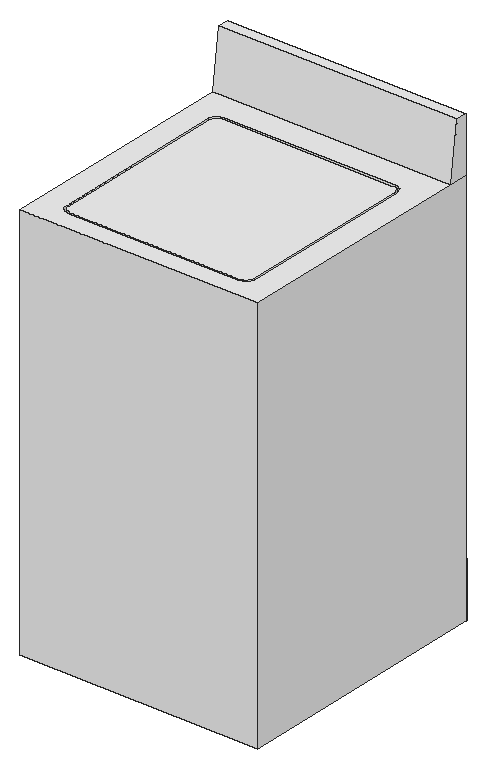
Revit family "Econ-O-Washer_ContinentalGirbau", category Mechanical Equipment, Revit 2018
Family settings
  Round Connector Dimension = Use Radius
  Part Type = Normal
  OmniClass Number = 23.45.70.11.14.11
  OmniClass Title = Washing Machines
  Work Plane-Based = No
  Always vertical = Yes
  Cut with Voids When Loaded = No
  Shared = No
  Room Calculation Point = No
Parameters (values of type "As Specified")
  Water_Pressure = "0"
  Water_Flow_Rate = "0"
  Warranty Duration (Years) = 0
  Three Phase = 480 VA
  Single Phase = 240 VA
  VOLTAGE = 240 V
  URL = "http://www.continentalgirbau.com"
  Trim Material = Painted Metal - Black
  Test Data = ""
  Specification = "http://www.arcat.com/sd/clients/cogirbau.html?coid=44467"
  SpecWizard = "http://www.arcat.com/specwizard/11110con/index.htm?mf=&coid=44467"
  Shell Material = Stainless Steel
  Send Message = "http://admin.arcat.com/users.pl?action=UserEmail&company=Continental%20Girbau,%20Inc.&coid=44467&rep=132&fax=920-231-4666 &mf="
  Sales Information = ""
  Product Properties = "http://www.arcat.com/bim/bim_info.pl?fn=Commercial_Washer"
  Product Data = "http://www.arcat.com/arcatcos/cos44/arc44467.html"
  Perf_WashSpeed = "44/67 rpm"
  Perf_SpinSpeed = "710/473 rpm"
  Perf_G-Force = "2.3/93 G"
  OpeningCL = DoorOpening / 2  # 0' - 7 7/8"
  Model = "H-Series"
  Mech_steam = 0' - 0 1/2"
  Mech_Steam-Pressure = "29-87 psi"
  Mech_Steam-Flow = "0"
  Mech_HW = 0' - 0 3/4"
  Mech_CW = 0' - 0 3/4"
  MechWaste = 0' - 3"
  Manufacturer Website = "http://www.continentalgirbau.com"
  Manufacturer Phone - Toll Free = "800-256-1073 "
  Manufacturer Phone = "920-231-8222 "
  Manufacturer Fax = "920-231-4666 "
  Manufacturer Address = "2500 State Rd. 44; Oshkosh; WI 54904\r\n"
  Manufacturer = "Continental Girbau, Inc.\r\n"
  Maintenance Schedule (Months) = 0
  MachWidth = 2' - 1 5/8"
  MachHeight = 3' - 7"
  MachDepth = 2' - 4"
  LwrPanHt = MachHeight / 3  # 1' - 2.33333"
  Keynote = "11 23 00"
  Installation-Fabrication = ""
  Installation Phase = "Interior Fittings"
  InstWidth = 1' - 7 69/256"
  Green Building-LEED = "http://www.arcat.com/green/clients/leed_data_44467.html"
  GlassCL = OpeningCL - 0' 2"  # 0' - 5 7/8"
  Fr_FaceWdth = MachWidth / 6  # 0' - 4.27083"
  Expected Lifespan (Years) = 0
  Drawn By = "Robert S. Weygant, CSI, CDT, SCIP"
  DoorOpening = 1' - 3 3/4"
  DoorHeight = 1' - 6"
  Description = "Commercial Washer"
  Cyl_Diam = CylRad * 2  # 1' - 0"
  Cyl_Depth = 1' - 9"
  CylRad = 0' - 6"
  Copyright = "2009, ARCAT, Inc."  # constant formula
  Construction Details = "http://www.arcat.com/details/cogirbau/cogirbau.html?coid=44467"
  Compressed_Air_Pressure = "0"
  Compressed_Air_Flow = "0"
  Compressed_Air_Connection = 0' - 2"
  Capacity_Weight = 55
  Capacity_Volume = (3.1416 * (CylRad ^ 2)) * Cyl_Depth  # 0.03892 m³
  Building Codes = ""
  Assembly Code = "E1010610"
Reference planes (in)
  plane 1 "Front": y = 0
  plane 2: z = 0
  plane 3 "Center (Left/Right)": x = 4.36029
  plane 4: x = -8.45221
  plane 5: x = 17.17279
  plane 6: y = 28
  plane 7: z = 43
  plane 8: z = 25.875
  plane 9: z = 18
  plane 10 "DoorFront": y = 2
  plane 11: y = 23
Forms (in)
  Extrusion 1, solid, material "Stainless Steel" <- "Shell Material"
    sketch origin (0, 0, 0) x (1, 0, 0) y (0, 1, 0)
      loop
        line (-8.45221, 0) -> (17.17279, 0) -> (17.17279, 28) -> (-8.45221, 28) -> (-8.45221, 0)
    from 0 to 43
  Extrusion 2, solid, material "Painted Metal - Black"
    sketch origin (0, 0, 0) x (1, 0, 0) y (0, 0, 1)
      loop
        line (17.17279, 0) -> (17.17279, 6) -> (11.17279, 6) -> (11.17279, 0) -> (17.17279, 0)
    from -28.0625 to -28
  Extrusion 3, solid, material "Painted Metal - Black"
    sketch origin (-3, 0, -2.38696) x (1, 0, 0) y (0, 0, 1)
      loop
        line (10.36029, 20.38696) -> (4.36029, 20.38696) -> (4.36029, 14.38696) -> (10.36029, 14.38696) -> (10.36029, 20.38696)
    from -28.06321 to -28
  Extrusion 4, solid, material "Painted Metal - Black"
    sketch origin (7.69922, 0, 27.51148) x (1, 0, 0) y (0, 0, 1)
      loop
        line (3.47357, 7.48852) -> (-2.52643, 7.48852) -> (-2.52643, 1.48852) -> (3.47357, 1.48852) -> (3.47357, 7.48852)
    from -28.06321 to -28
  Extrusion 5, solid, material "Painted Metal - Black"
    sketch origin (-2.30078, 0, 27.51148) x (1, 0, 0) y (0, 0, 1)
      loop
        line (3.47357, 7.48852) -> (-2.52643, 7.48852) -> (-2.52643, 1.48852) -> (3.47357, 1.48852) -> (3.47357, 7.48852)
    from -28.06321 to -28
  Extrusion 6, solid, material "Painted Metal - Black"
    sketch origin (-15.69922, 0, -2.38696) x (1, 0, 0) y (0, 0, 1)
      loop
        line (17.24701, 20.38696) -> (11.24701, 20.38696) -> (11.24701, 14.38696) -> (17.24701, 14.38696) -> (17.24701, 20.38696)
    from -28.0625 to -28
  Extrusion 7, solid, material "Painted Metal - Black"
    sketch origin (9.69922, 0, -2.38696) x (1, 0, 0) y (0, 0, 1)
      loop
        line (3.47357, 20.38696) -> (-2.52643, 20.38696) -> (-2.52643, 14.38696) -> (3.47357, 14.38696) -> (3.47357, 20.38696)
    from -28.0625 to -28
  Extrusion 8, solid, material "Stainless Steel" <- "Shell Material"
    sketch origin (4.36029, 0, 0) x (0, 1, 0) y (0, 0, 1)
      loop
        line (28, 43) -> (28, 49) -> (26.75, 49) -> (26, 43) -> (28, 43)
    from -12.8125 to 12.8125
  Extrusion 9, void
    sketch origin (0, 0, 0) x (1, 0, 0) y (0, 1, 0)
      loop
        arc (-4.89114, 23) -> (-5.59825, 22.70711) -> (-5.89114, 22) r 1
        line (-5.89114, 22) -> (-5.89114, 3)
        arc (-5.89114, 3) -> (-5.59825, 2.29289) -> (-4.89114, 2) r 1
        line (-4.89114, 2) -> (13.54015, 2)
        arc (13.54015, 2) -> (14.24726, 2.29289) -> (14.54015, 3) r 1
        line (14.54015, 3) -> (14.54015, 22)
        arc (14.54015, 22) -> (14.24726, 22.70711) -> (13.54015, 23) r 1
        line (13.54015, 23) -> (-4.89114, 23)
      loop
        line (-5.64114, 22) -> (-5.64114, 3)
        arc (-5.64114, 3) -> (-5.42147, 2.46967) -> (-4.89114, 2.25) r 0.75
        line (-4.89114, 2.25) -> (13.54015, 2.25)
        arc (13.54015, 2.25) -> (14.07048, 2.46967) -> (14.29015, 3) r 0.75
        line (14.29015, 3) -> (14.29015, 22)
        arc (14.29015, 22) -> (14.07048, 22.53033) -> (13.54015, 22.75) r 0.75
        line (13.54015, 22.75) -> (-4.89114, 22.75)
        arc (-4.89114, 22.75) -> (-5.42147, 22.53033) -> (-5.64114, 22) r 0.75
    from 42.5 to 43
Cuts and joins
  Extrusion 9 cuts Extrusion 1
Lines and regions (in)
  Split face 1
    outline origin (4.36029, 26.54262, 47.34099) x (0, -0.124035, -0.992278) y (1, 0, 0)
      loop
        line (-0.86683, -11.8125) -> (3.61761, -11.8125) -> (3.61761, 11.8125) -> (-0.86683, 11.8125) -> (-0.86683, -11.8125)
Dimensions and locks (in)
  "MachWidth": plane 4 to plane 5
  "MachDepth": plane 1 "Front" to plane 6
  equal spacing: plane 4, plane 3 "Center (Left/Right)", plane 5
  "MachHeight": plane 7 to plane 2
  "DoorHeight": plane 9 to plane 2
  "OpeningCL": plane 8 to plane 9
  "Cyl_Depth": plane 11 to plane 10 "DoorFront"
  locked: Extrusion 2 sketch curve to Extrusion 2 sketch curve at 6
  level to Extrusion 2 = 0' - 6"
  locked: Extrusion 3 sketch curve to Extrusion 3 sketch curve at 6  (x2)
  equal spacing: Extrusion 3 sketch curve, plane 3 "Center (Left/Right)", Extrusion 3 sketch curve
  locked: Extrusion 4 sketch curve to Extrusion 4 sketch curve at 6  (x2)
  Extrusion 4 sketch curve to Extrusion 4 sketch curve = 0' - 6"
  locked: Extrusion 5 sketch curve to Extrusion 5 sketch curve at 6  (x2)
  Extrusion 5 sketch curve to Extrusion 5 sketch curve = 0' - 6"
  locked: Extrusion 6 sketch curve to Extrusion 6 sketch curve at 6  (x2)
  Extrusion 6 sketch curve to Extrusion 6 sketch curve = 0' - 6"
  locked: Extrusion 7 sketch curve to Extrusion 7 sketch curve at 6  (x2)
  Extrusion 7 sketch curve to Extrusion 7 sketch curve = 0' - 6"
  locked: Extrusion 8 sketch curve to plane 7 at 6
  aligned and locked: plane 4 to Extrusion 1
  aligned and locked: plane 5 to Extrusion 1
  aligned and locked: plane 1 "Front" to Extrusion 1
  aligned and locked: plane 6 to Extrusion 1
  aligned and locked: plane 7 to Extrusion 1
  aligned and locked: level to Extrusion 2 sketch curve
  aligned and locked: plane 5 to Extrusion 2 sketch curve
  aligned and locked: Extrusion 2 to plane 6
  aligned and locked: Extrusion 3 to plane 6
  aligned and locked: Extrusion 5 to Extrusion 3
  aligned and locked: Extrusion 4 to Extrusion 5
  aligned and locked: Extrusion 6 to Extrusion 2
  aligned and locked: Extrusion 8 to plane 5
  aligned and locked: Extrusion 8 to plane 4
  aligned and locked: plane 7 to Extrusion 8 sketch curve
  aligned and locked: Extrusion 8 sketch curve to plane 6
  aligned and locked: plane 7 to cut or joined group of Extrusion 1, Extrusion 9
Automatic sketch dimensions
  Extrusion 1 sketch curve to plane 4 = 0' - 0"
  Extrusion 1 sketch curve to plane 5 = 0' - 0"
  Extrusion 1 sketch curve to plane 6 = 0' - 0"
  level to Extrusion 3 sketch curve = 1' - 0"
  plane 3 "Center (Left/Right)" to Extrusion 4 sketch curve = 0' - 0 13/16"
  plane 8 to Extrusion 4 sketch curve = 0' - 3 1/8"
  Extrusion 5 sketch curve to plane 3 "Center (Left/Right)" = 0' - 9 3/16"
  plane 8 to Extrusion 5 sketch curve = 0' - 3 1/8"
  plane 4 to Extrusion 6 sketch curve = 0' - 4"
  level to Extrusion 6 sketch curve = 1' - 0"
  plane 3 "Center (Left/Right)" to Extrusion 7 sketch curve = 0' - 2 13/16"
  Extrusion 7 sketch curve to plane 9 = 0' - 6"
  Extrusion 8 sketch curve to plane 6 = 0' - 1 1/4"
  Extrusion 8 sketch curve to plane 6 = 0' - 2"
  Extrusion 8 to Split face 1 sketch curve = 0' - 0.8051"
  Split face 1 sketch curve to Extrusion 8 = 0' - 0.75716"
  Split face 1 sketch curve to Extrusion 8 = 0' - 1"  (x2)
  Extrusion 2 sketch curve to Extrusion 2 sketch curve = 0' - 6"
  Extrusion 1 sketch curve to plane 1 "Front" = 0' - 0"
  Extrusion 9 sketch curve to Extrusion 9 sketch curve = 0' - 0"  (x7)
  Extrusion 9 sketch curve to plane 11 = 0' - 0"
  Extrusion 9 sketch curve to plane 10 "DoorFront" = 0' - 0"
  Extrusion 9 sketch curve to plane 11 = 0' - 1"
  plane 4 to Extrusion 9 sketch curve = 0' - 2.56107"
  Extrusion 9 sketch curve to Extrusion 9 sketch curve = 0' - 0 1/4"
  Extrusion 9 sketch curve to Extrusion 9 sketch curve = 0' - 0 3/4"
  plane 5 to Extrusion 9 sketch curve = 0' - 3.63264"  (x2)
  plane 10 "DoorFront" to Extrusion 9 sketch curve = 0' - 1"
Connectors (in)
  piping at (4.36029, 28.06321, 15), diameter 6, driven by "MechWaste"
    settings: on Extrusion 3, index 1, connector inside diameter 6", connector length 0' - 0", flow factor 0, pipe flow 0 GPM, pressure drop 0.00 psi, fitting loss kfactor 0, connector angle 0.00°, fixture units 0, engagement length 0' - 0", angle of deflection 0.00°, flow configuration 0, flow direction 2, fitting loss method 0, system type 16, joint type 0, gender type 0, connector reference index -1, connector utility 0, adjustable connector no, is connector primary yes, connector description "MECHANICAL WASTE"
  piping at (8.17279, 28.06321, 32), diameter 1.5, driven by "Mech_HW"
    settings: on Extrusion 4, index 2, connector inside diameter 1 1/2", connector length 0' - 0", flow factor 0, pipe flow 0 GPM, pressure drop 0.00 psi, fitting loss kfactor 0, connector angle 0.00°, fixture units 0, engagement length 0' - 0", angle of deflection 0.00°, flow configuration 0, flow direction 0, fitting loss method 0, system type 19, joint type 0, gender type 0, connector reference index -1, connector utility 0, adjustable connector no, is connector primary no, connector description "MECH HW"
  piping at (-1.82721, 28.06321, 32), diameter 1.5, driven by "Mech_CW"
    settings: on Extrusion 5, index 3, connector inside diameter 1 1/2", connector length 0' - 0", flow factor 0, pipe flow 0 GPM, pressure drop 0.00 psi, fitting loss kfactor 0, connector angle 0.00°, fixture units 0, engagement length 0' - 0", angle of deflection 0.00°, flow configuration 0, flow direction 0, fitting loss method 0, system type 20, joint type 0, gender type 0, connector reference index -1, connector utility 0, adjustable connector no, is connector primary no, connector description "MECH CW"
  electrical at (14.17279, 28.0625, 3), driven by "VOLTAGE", driven by "Single Phase", driven by "Three Phase"
    settings: on Extrusion 2, index 4, voltage 240 V, apparent load 0 VA, apparent load phase1 240 VA, apparent load phase2 0 VA, apparent load phase3 480 VA, power factor 1, load classification "Other", number of poles 3, system type 31, power factor state 1, is connector primary yes, connector utility no, sub classification motor no, connector description "POWER"
  piping at (-1.45221, 28.0625, 15), diameter 1, driven by "Mech_steam"
    settings: on Extrusion 6, index 5, connector inside diameter 1", connector length 0' - 0", flow factor 0, pipe flow 0 GPM, pressure drop 0.00 psi, fitting loss kfactor 0, connector angle 0.00°, fixture units 0, engagement length 0' - 0", angle of deflection 0.00°, flow configuration 0, flow direction 0, fitting loss method 0, system type 22, joint type 0, gender type 0, connector reference index -1, connector utility 0, adjustable connector no, is connector primary no, connector description "MECH STEAM"
  piping at (10.17279, 28.0625, 15), diameter 4, driven by "Compressed_Air_Connection"
    settings: on Extrusion 7, index 6, connector inside diameter 4", connector length 0' - 0", flow factor 0, pipe flow 0 GPM, pressure drop 0.00 psi, fitting loss kfactor 0, connector angle 0.00°, fixture units 0, engagement length 0' - 0", angle of deflection 0.00°, flow configuration 0, flow direction 0, fitting loss method 0, system type 22, joint type 0, gender type 0, connector reference index -1, connector utility 0, adjustable connector no, is connector primary no, connector description ""
